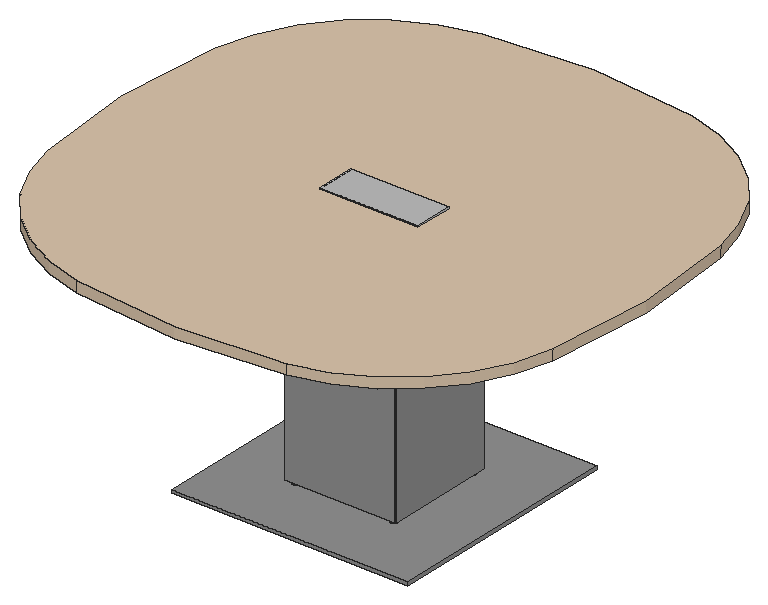
Revit family "Haworth_Planes_ColumnBaseConferenceTable_Pebble", category Furniture Systems, Revit 2018
Family settings
  Round Connector Dimension = Use Diameter
  Part Type = Normal
  OmniClass Number = 23.40.70.14.64.21
  OmniClass Title = Systems Furniture
  Work Plane-Based = No
  Always vertical = Yes
  Cut with Voids When Loaded = No
  Shared = No
  Room Calculation Point = No
Parameters (values of type "60d 60w 29h")
  Worksurface Finish [instance] = Haworth _ Laminate _ Maple H-AE
  Worksurface Edge Finish [instance] = Haworth _ Laminate _ Maple H-AE
  Width = 60"
  Warranty = "https://www.haworth.com/resources/product-info/warranties"
  URL - Product = "https://www.haworth.com/products/tables/conference/planes"
  Sustainability Info = "https://www.haworth.com/company-info/sustainability"
  Opening Single Wide = yes
  Opening Single = not(or(Opening Single Wide, Opening Double, Opening Double Wide))  # no
  Opening Double Wide = no
  Opening Double = no
  Model = "TARP"  # constant formula
  Min. Depth = 36"  # constant formula
  Max. Depth = 60"  # constant formula
  Large Base = Actual Width > 36"  # yes
  URL = "www.haworth.com"
  Support Height = Actual Height - Table Thickness  # 27 13/16"
  Size = "Verify Final Dim. w/ Haworth"  # constant formula
  Revision Number = "2"  # constant formula
  Standard Widths = "36, 42, 48, 54, 60 in."  # constant formula
  Standard Heights = "21.25, 29, 41.25 in."  # constant formula
  Min. Width = 36"  # constant formula
  Max. Width = 60"  # constant formula
  Min. Height = 21 1/4"  # constant formula
  Max. Height = 41 1/4"  # constant formula
  Manufacturer = "Haworth"  # constant formula
  Knife Edge = not(Edgeband)  # no
  Height = 29"
  Frame Finish = Haworth _ Paint _ Graphite
  Fliptop Width = Cutout Width + 1/4"  # 11 1/4"
  Fliptop Depth = Cutout Depth + 3/8"  # 4 3/8"
  Flip Top Finish = Haworth _ Paint _ Metallic Champagne
  Flip Top = yes
  Edgeband = yes
  Description = "Haworth - Planes Column Base - Pebble - 60w 60d 29h"
  Depth = Width  # 60"
  Cutout Width = if(or(Opening Single Wide, Opening Double Wide), 11", 8")  # 11"
  Cutout Depth = if(or(Opening Double, Opening Double Wide), 7 11/16", 4")  # 4"
  Cutout = yes
  Custom Size = not(and(or(Width = 36", Width = 42", Width = 48", Width = 54", Width = 60"), or(Depth = 30", Depth = 36", Depth = 42", Depth = 48", Depth = 54", Depth = 60"), or(Height = 21 1/4", Height = 29", Height = 41 1/4")))  # no
  Base Finish = Haworth _ Paint _ Graphite
  Author = "Haworth (Hampton, Alias)"  # constant formula
  Assembly Code = "E2020200"
  Actual Width = if(Depth > Max. Width, Max. Width, if(Depth < Min. Width, Min. Width, Depth))  # 60"
  Actual Height = if(Height > Max. Height, Max. Height, if(Height < Min. Height, Min. Height, Height))  # 29"
  Table Thickness = 1 3/16"  # constant formula
  Standard Depths = "36, 42, 48, 54, 60 in."  # constant formula
  Actual Depth = if(Width > Max. Depth, Max. Depth, if(Width < Min. Depth, Min. Depth, Width))  # 60"
Types (6): name | Width | Large Base | Description | Depth | Actual Width | Actual Depth
  (no name) | 60" | yes | "Haworth - Planes Column Base - Pebble - 60w 60d 29h" | 60" | 60" | 60"
  60d 60w 29h | 60" | yes | "Haworth - Planes Column Base - Pebble - 60w 60d 29h" | 60" | 60" | 60"
  54d 54w 29h | 54" | yes | "Haworth - Planes Column Base - Pebble - 54w 54d 29h" | 54" | 54" | 54"
  48d 48w 29h | 48" | yes | "Haworth - Planes Column Base - Pebble - 48w 48d 29h" | 48" | 48" | 48"
  42d 42w 29h | 42" | yes | "Haworth - Planes Column Base - Pebble - 42w 42d 29h" | 42" | 42" | 42"
  36d 36w 29h | 36" | no | "Haworth - Planes Column Base - Pebble - 36w 36d 29h" | 36" | 36" | 36"
Reference planes (in)
  plane 1 "Center F/B": y = -0.15866
  plane 2 "Floor": z = 0
  plane 3 "Center L/R": x = -15
  plane 4 "Table Edge Left": x = -45
  plane 5 "Table Edge Right": x = 15
  plane 6 "Table Edge Back": y = -30.15866
  plane 7 "Table Edge Front": y = 29.84134
  plane 8 "Table Bottom": z = 29
  plane 9 "masking region": z = 27.8125
Dimensions and locks (in)
  "Actual Depth": plane 7 "Table Edge Front" to plane 6 "Table Edge Back"
  "Actual Width": plane 4 "Table Edge Left" to plane 5 "Table Edge Right"
  equal spacing: plane 4 "Table Edge Left", plane 3 "Center L/R", plane 5 "Table Edge Right"
  equal spacing: plane 7 "Table Edge Front", plane 1 "Center F/B", plane 6 "Table Edge Back"
  "Actual Height": plane 8 "Table Bottom" to level
  "Table Thickness": plane 8 "Table Bottom" to plane 9 "masking region"
  aligned and locked: nested 1 to plane 3 "Center L/R"
  aligned and locked: plane 1 "Center F/B" to nested 1
  aligned and locked: plane 2 "Floor" to nested 2
  aligned and locked: plane 1 "Center F/B" to nested 2
  aligned and locked: plane 3 "Center L/R" to nested 2
  aligned and locked: nested 2 to nested 3
  aligned and locked: plane 3 "Center L/R" to nested 3
  aligned and locked: plane 2 "Floor" to nested 1
Nested families (in)
  nested 1: "Haworth_Planes_ColumnBase_Part" at (-15, -3.78366, 0), type "Square"
    with Actual Height 27 13/16"
  nested 2: "Haworth_Conference_Worksurface_Pebble_Part" at (-15, -15.15866, 0), type "Worksurface"
    with Knife Edge no, Cutout Width 11"
  nested 3: "Haworth_Worksurface_FlipTop_Unit_Part" at (-15.57037, -0.21114, 29), built-in parameter 1001364 <- "Actual Height", visible <- "Flip Top", type "Flip Top"
    with Actual Width 11 1/4"
Definition of nested family "Haworth_Planes_ColumnBase_Part"
  Parameters (values of type "Square")
    Warranty = "http://www.haworth.com/resources/product-info/warranties"
    URL - Product = "http://www.haworth.com/products/tables/conference/planes"
    URL = "www.haworth.com"
    Trim Finish = none
    Top Gap = 1 1/2"  # constant formula
    Sustainability Info = "http://www.haworth.com/company-info/sustainablility"
    Support Finish = none
    Size = "Verify Final Dim. w/ Haworth"  # constant formula
    Revision Number = "2"  # constant formula
    Model = "Haworth - Planes - Enhanced Column Base - LIMITED"  # constant formula
    Min. Height = 27"  # constant formula
    Max. Height = 36"  # constant formula
    Manufacturer = "Haworth"  # constant formula
    Description = "Haworth - Planes - Enhanced Column Base - LIMITED"  # constant formula
    Column Frame Width 9 = no
    Column Frame Width 12 = yes
    Cladding Thickness = 1/8"  # constant formula
    Cladding Square = yes
    Cladding Round = no
    Cladding Radius = 8 1/2"  # constant formula
    Base Plate Square = yes
    Base Plate Round = no
    Base Plate Radius = 15"  # constant formula
    Base Height Offset = 3/8"  # constant formula
    Base Finish = none
    Base Depth Offset = 7 1/8"  # constant formula
    Author = "Haworth (Hampton)"  # constant formula
    Assembly Code = "E2020200"
    Actual Width = 12 3/4"  # constant formula
    Actual Height = 27 3/16"
    Actual Depth = 12 3/4"  # constant formula
  Types (2): name | Cladding Square | Cladding Round | Base Plate Square | Base Plate Round
    Square | yes | no | yes | no
    Round | no | yes | no | yes
  Reference planes (in)
    plane 1 "Center F/B": y = 3.625
    plane 2 "Bottom": z = 0
    plane 3 "Center L/R": x = 0
    plane 4 "Left": x = -6.375
    plane 5 "Right": x = 6.375
    plane 6 "Front": y = -2.75
    plane 7 "Top": z = 27.1875
    plane 8 "Back": y = 10
    plane 9: y = 9.25
    plane 10: x = 5.625
    plane 11: x = -5.625
    plane 12: y = -2
    plane 13 "Panel Top": z = 25.6875
    plane 14 "Base Plate Top": z = 0.375
    plane 15 "Panel Bottom": z = 0.75
    plane 16: x = -6.25
    plane 17: x = 6.25
    plane 18: y = 9.875
    plane 19: y = -2.625
    plane 20 "Plate Back": y = 17.125
    plane 21 "Plate Front": y = -9.875
    plane 22 "Plate Left": x = -13.5
    plane 23 "Plate Right": x = 13.5
    plane 24 "Angel 2": through (6.375, 10, 48) normal (0.7071, -0.7071, 0)
    plane 25 "Angel 1": through (-6.375, 10, 48) normal (0.7071, 0.7071, 0)
    plane 26: through (6.375, -2.75, 48) normal (-0.7071, -0.7071, 0)
    plane 27: through (6.375, 10, 48) normal (0.7071, -0.7071, 0)
    plane 28: through (-6.375, -2.75, 48) normal (-0.7071, 0.7071, 0)
    plane 29: through (6.375, -2.75, 48) normal (-0.7071, -0.7071, 0)
    plane 30: through (-6.375, 10, 48) normal (0.7071, 0.7071, 0)
    plane 31: through (-6.375, -2.75, 48) normal (-0.7071, 0.7071, 0)
  Forms (in)
    Extrusion 1, solid, material <- "Trim Finish", visible <- "Cladding Square"
      sketch origin (0, 0, 0) x (1, 0, 0) y (0, 1, 0)
        loop
          line (-6.375, 9.875) -> (-6.375, -2.625) -> (-6.25, -2.625) -> (-6.25, 9.875) -> (-6.375, 9.875)
      from 0.75 to 25.6875
    Extrusion 2, solid, material <- "Trim Finish", visible <- "Cladding Square"
      sketch origin (0, 0, 0) x (1, 0, 0) y (0, 1, 0)
        loop
          line (-6.25, 10) -> (-6.25, 9.875) -> (6.25, 9.875) -> (6.25, 10) -> (-6.25, 10)
      from 0.75 to 25.6875
    Extrusion 3, solid, material <- "Trim Finish", visible <- "Cladding Square"
      sketch origin (0, 0, 0) x (1, 0, 0) y (0, 1, 0)
        loop
          line (6.25, 9.875) -> (6.25, -2.625) -> (6.375, -2.625) -> (6.375, 9.875) -> (6.25, 9.875)
      from 0.75 to 25.6875
    Extrusion 4, solid, material <- "Trim Finish", visible <- "Cladding Square"
      sketch origin (0, 0, 0) x (1, 0, 0) y (0, 1, 0)
        loop
          line (-6.25, -2.625) -> (-6.25, -2.75) -> (6.25, -2.75) -> (6.25, -2.625) -> (-6.25, -2.625)
      from 0.75 to 25.6875
    Extrusion 5, solid, material <- "Support Finish"
      sketch origin (0, 0, 0) x (1, 0, 0) y (0, 1, 0)
        loop
          circle (-5.625, 9.25) r 0.375
        loop
          circle (5.625, 9.25) r 0.375
        loop
          circle (5.625, -2) r 0.375
        loop
          circle (-5.625, -2) r 0.375
      from 0.375 to 27.1875
    Extrusion 6, solid, material <- "Base Finish", visible <- "Base Plate Square"
      sketch origin (0, 0, 0) x (1, 0, 0) y (0, 1, 0)
        loop
          line (-13.5, 17.125) -> (-13.5, -9.875) -> (13.5, -9.875) -> (13.5, 17.125) -> (-13.5, 17.125)
      from 0 to 0.375
    Extrusion 7, solid, material <- "Base Finish", visible <- "Base Plate Round"
      sketch origin (0, 0, 0) x (1, 0, 0) y (0, 1, 0)
        loop
          circle (0, 3.625) r 15
      from 0 to 0.375
    Extrusion 8, solid, material <- "Trim Finish", visible <- "Cladding Round"
      sketch origin (0, 0, 0) x (1, 0, 0) y (0, 1, 0)
        loop
          arc (-6.01041, 9.63541) -> (0, 12.125) -> (6.01041, 9.63541) r 8.5
          line (6.01041, 9.63541) -> (6.01041, 9.81092)
          arc (6.01041, 9.81092) -> (0, 12.25) -> (-6.01041, 9.81092) r 8.625
          line (-6.01041, 9.81092) -> (-6.01041, 9.63541)
      from 0.75 to 25.6875
    Extrusion 9, solid, material <- "Trim Finish", visible <- "Cladding Round"
      sketch origin (-3.625, 3.625, 0) x (0, -1, 0) y (1, 0, 0)
        loop
          arc (-6.01041, 9.63541) -> (0, 12.125) -> (6.01041, 9.63541) r 8.5
          line (6.01041, 9.63541) -> (6.01041, 9.81092)
          arc (6.01041, 9.81092) -> (0, 12.25) -> (-6.01041, 9.81092) r 8.625
          line (-6.01041, 9.81092) -> (-6.01041, 9.63541)
      from 0.75 to 25.6875
    Extrusion 10, solid, material <- "Trim Finish", visible <- "Cladding Round"
      sketch origin (0, 7.25, 0) x (-1, 0, 0) y (0, -1, 0)
        loop
          arc (-6.01041, 9.63541) -> (0, 12.125) -> (6.01041, 9.63541) r 8.5
          line (6.01041, 9.63541) -> (6.01041, 9.81092)
          arc (6.01041, 9.81092) -> (0, 12.25) -> (-6.01041, 9.81092) r 8.625
          line (-6.01041, 9.81092) -> (-6.01041, 9.63541)
      from 0.75 to 25.6875
    Extrusion 11, solid, material <- "Trim Finish", visible <- "Cladding Round"
      sketch origin (3.625, 3.625, 0) x (0, 1, 0) y (-1, 0, 0)
        loop
          arc (-6.01041, 9.63541) -> (0, 12.125) -> (6.01041, 9.63541) r 8.5
          line (6.01041, 9.63541) -> (6.01041, 9.81092)
          arc (6.01041, 9.81092) -> (0, 12.25) -> (-6.01041, 9.81092) r 8.625
          line (-6.01041, 9.81092) -> (-6.01041, 9.63541)
      from 0.75 to 25.6875
  Lines and regions (in)
    symbolic lines, visible <- "Base Plate Square", detail levels medium+fine
      curve 1: line (-13.5, 17.125, 0) -> (13.5, 17.125, 0)
      curve 2: line (13.5, 17.125, 0) -> (13.5, -9.875, 0)
      curve 3: line (13.5, -9.875, 0) -> (-13.5, -9.875, 0)
      curve 4: line (-13.5, -9.875, 0) -> (-13.5, 17.125, 0)
    symbolic lines, visible <- "Cladding Square", detail levels medium+fine
      curve 5: line (-6.375, 10, 0) -> (6.375, 10, 0)
      curve 6: line (6.375, 10, 0) -> (6.375, -2.75, 0)
      curve 7: line (6.375, -2.75, 0) -> (-6.375, -2.75, 0)
      curve 8: line (-6.375, -2.75, 0) -> (-6.375, 10, 0)
    model lines, visible <- "Base Plate Round"
      curve 9: circle (0, 3.625, 0) r 15 normal (0, 0, 1)
    symbolic lines, visible <- "Base Plate Round", detail levels medium+fine
      curve 10: circle (0, 3.625, 0) r 8.5 normal (0, 0, 1)
  Dimensions and locks (in)
    equal spacing: plane 8 "Back", plane 1 "Center F/B", plane 6 "Front"
    "Actual Depth": plane 8 "Back" to plane 6 "Front"
    equal spacing: plane 4 "Left", plane 3 "Center L/R", plane 5 "Right"
    "Actual Width": plane 4 "Left" to plane 5 "Right"
    "Actual Height": plane 7 "Top" to level
    locked: plane 4 "Left" to plane 11 at 0.75
    locked: plane 10 to plane 5 "Right" at 0.75
    locked: plane 8 "Back" to plane 9 at 0.75
    locked: plane 12 to plane 6 "Front" at 0.75
    "Base Height Offset": plane 14 "Base Plate Top" to level
    "Base Height Offset": plane 15 "Panel Bottom" to plane 14 "Base Plate Top"
    "Top Gap": plane 7 "Top" to plane 13 "Panel Top"
    "Base Depth Offset": plane 22 "Plate Left" to plane 4 "Left"
    "Base Depth Offset": plane 5 "Right" to plane 23 "Plate Right"
    "Base Depth Offset": plane 21 "Plate Front" to plane 6 "Front"
    "Base Depth Offset": plane 20 "Plate Back" to plane 8 "Back"
    "Cladding Thickness": plane 8 "Back" to plane 18
    "Cladding Thickness": plane 19 to plane 6 "Front"
    "Cladding Thickness": plane 4 "Left" to plane 16
    "Cladding Thickness": plane 17 to plane 5 "Right"
    "Base Plate Radius": radius of Extrusion 7 sketch curve
    "Base Plate Radius": radius of curve 9
    "Cladding Radius": radius of Extrusion 8 sketch curve
    "Cladding Radius": radius of curve 10
    "Cladding Radius": radius of Extrusion 9 sketch curve
    "Cladding Radius": radius of Extrusion 10 sketch curve
    "Cladding Radius": radius of Extrusion 11 sketch curve
    aligned and locked: Extrusion 1 sketch curve to plane 19
    aligned and locked: plane 4 "Left" to Extrusion 1 sketch curve
    aligned and locked: Extrusion 1 sketch curve to plane 16
    aligned and locked: Extrusion 1 sketch curve to plane 18
    aligned and locked: Extrusion 2 sketch curve to plane 8 "Back"
    aligned and locked: plane 18 to Extrusion 2 sketch curve
    aligned and locked: plane 16 to Extrusion 2 sketch curve
    aligned and locked: plane 17 to Extrusion 2 sketch curve
    aligned and locked: Extrusion 3 sketch curve to plane 19
    aligned and locked: Extrusion 3 sketch curve to plane 18
    aligned and locked: Extrusion 3 sketch curve to plane 17
    aligned and locked: plane 5 "Right" to Extrusion 3 sketch curve
    aligned and locked: plane 16 to Extrusion 4 sketch curve
    aligned and locked: plane 17 to Extrusion 4 sketch curve
    aligned and locked: plane 19 to Extrusion 4 sketch curve
    aligned and locked: plane 6 "Front" to Extrusion 4 sketch curve
    aligned and locked: plane 13 "Panel Top" to Extrusion 4
    aligned and locked: Extrusion 4 to plane 15 "Panel Bottom"
    aligned and locked: plane 13 "Panel Top" to Extrusion 2
    aligned and locked: Extrusion 2 to plane 15 "Panel Bottom"
    aligned and locked: Extrusion 1 to plane 15 "Panel Bottom"
    aligned and locked: plane 13 "Panel Top" to Extrusion 1
    aligned and locked: Extrusion 3 to plane 15 "Panel Bottom"
    aligned and locked: plane 13 "Panel Top" to Extrusion 3
    aligned and locked: Extrusion 5 to plane 14 "Base Plate Top"
    aligned and locked: plane 7 "Top" to Extrusion 5
    aligned and locked: plane 22 "Plate Left" to Extrusion 6 sketch curve
    aligned and locked: Extrusion 6 sketch curve to plane 21 "Plate Front"
    aligned and locked: plane 23 "Plate Right" to Extrusion 6 sketch curve
    aligned and locked: Extrusion 6 sketch curve to plane 20 "Plate Back"
    aligned and locked: Extrusion 6 to plane 2 "Bottom"
    aligned and locked: Extrusion 6 to plane 14 "Base Plate Top"
    aligned and locked: curve 1 to plane 20 "Plate Back"
    aligned and locked: plane 22 "Plate Left" to curve 4
    aligned and locked: curve 3 to plane 21 "Plate Front"
    aligned and locked: plane 23 "Plate Right" to curve 2
    aligned and locked: plane 5 "Right" to curve 6
    aligned and locked: curve 5 to plane 8 "Back"
    aligned and locked: plane 4 "Left" to curve 8
    aligned and locked: plane 6 "Front" to curve 7
    aligned and locked: Extrusion 7 to plane 2 "Bottom"
    aligned and locked: Extrusion 7 to plane 14 "Base Plate Top"
    aligned and locked: plane 13 "Panel Top" to Extrusion 8
    aligned and locked: Extrusion 8 to plane 15 "Panel Bottom"
    aligned and locked: Extrusion 11 to plane 15 "Panel Bottom"
    aligned and locked: Extrusion 10 to plane 15 "Panel Bottom"
    aligned and locked: Extrusion 9 to plane 15 "Panel Bottom"
    aligned and locked: plane 13 "Panel Top" to Extrusion 11
    aligned and locked: plane 13 "Panel Top" to Extrusion 10
    aligned and locked: plane 13 "Panel Top" to Extrusion 9
    aligned and locked: Extrusion 11 to Extrusion 1  (x2)
    aligned and locked: Extrusion 2 to Extrusion 10  (x2)
    aligned and locked: Extrusion 9 to Extrusion 2
    aligned and locked: Extrusion 2 to Extrusion 9
    aligned and locked: Extrusion 2 to Extrusion 8  (x2)
    aligned and locked: Extrusion 4 to Extrusion 1
    aligned and locked: Extrusion 1 to Extrusion 4
  Automatic sketch dimensions
    Extrusion 5 sketch curve to plane 11 = 0"  (x2)
    Extrusion 5 sketch curve to plane 9 = 0"  (x2)
    Extrusion 5 sketch curve to plane 10 = 0"  (x2)
    Extrusion 5 sketch curve to plane 12 = 0"  (x2)
    curve 9 to curve 10 = 0"  (x2)
    plane 1 "Center F/B" to curve 9 = 0"
    curve 9 to plane 3 "Center L/R" = 0"
    plane 1 "Center F/B" to Extrusion 7 sketch curve = 0"
    Extrusion 7 sketch curve to plane 3 "Center L/R" = 0"
    Extrusion 8 sketch curve to Extrusion 8 sketch curve = 0"  (x2)
    plane 25 "Angel 1" to Extrusion 8 sketch curve = 0"
    plane 1 "Center F/B" to Extrusion 8 sketch curve = 0"
    Extrusion 8 sketch curve to plane 3 "Center L/R" = 0"
    plane 24 "Angel 2" to Extrusion 8 sketch curve = 0"
    Extrusion 8 sketch curve to plane 18 = 0.06408"
    Extrusion 9 sketch curve to Extrusion 9 sketch curve = 0"  (x2)
    Extrusion 9 sketch curve to plane 27 = 0"
    plane 1 "Center F/B" to Extrusion 9 sketch curve = 0"
    plane 26 to Extrusion 9 sketch curve = 0"
    Extrusion 9 sketch curve to plane 3 "Center L/R" = 0"
    plane 17 to Extrusion 9 sketch curve = 0.06408"
    Extrusion 10 sketch curve to Extrusion 10 sketch curve = 0"  (x2)
    Extrusion 10 sketch curve to plane 29 = 0"
    plane 1 "Center F/B" to Extrusion 10 sketch curve = 0"
    Extrusion 10 sketch curve to plane 3 "Center L/R" = 0"
    Extrusion 10 sketch curve to plane 28 = 0"
    Extrusion 10 sketch curve to plane 19 = 0.06408"
    Extrusion 11 sketch curve to Extrusion 11 sketch curve = 0"  (x2)
    plane 31 to Extrusion 11 sketch curve = 0"
    plane 1 "Center F/B" to Extrusion 11 sketch curve = 0"
    Extrusion 11 sketch curve to plane 30 = 0"
    Extrusion 11 sketch curve to plane 3 "Center L/R" = 0"
    plane 16 to Extrusion 11 sketch curve = 0.06408"
    radius of Extrusion 5 sketch curve = 3/8"  (x4)
Definition of nested family "Haworth_Conference_Worksurface_Pebble_Part"
  Parameters (values of type "Worksurface")
    Warranty = "https://www.haworth.com/resources/product-info/warranties"
    URL - Product = "https://www.haworth.com/products/tables/conference/planes"
    URL = "www.haworth.com"
    Thickness = 1 3/16"
    Table Finish = none
    Table Edge Finish = none
    Small Radius Inside = Small Radius - 2"  # 19"
    Small Radius = 1 / 2 * Actual Width - 9"  # 21"
    Size = "Verify Final Dim. w/ Haworth"  # constant formula
    Revision Number = ""
    Model = "Haworth Planes"  # constant formula
    Manufacturer = "Haworth"  # constant formula
    Knife Edge = yes
    Edgeband = yes
    Description = "Haworth Planes Collaborative Worksurface - Part"
    Cutout Width = 8"
    Cutout Dimension = if(Cutout, 3", 1")  # 3"
    Cutout Depth = 4"
    Cutout = yes
    Big Radius Inside = Big Radius - 2"  # 65"
    Big Radius = 1 / 2 * Actual Width + 37"  # 67"
    Author = "Haworth (Alias), SHAPE Environments, LLC"  # constant formula
    Assembly Code = ""
    Actual Width = 60"
    Actual Height = 29"
    Actual Depth = Actual Width  # 60"
  Reference planes (in)
    plane 1 "Center F/B": y = 15
    plane 2 "Bottom": z = 0
    plane 3 "Center L/R": x = 0
    plane 4 "Table Top": z = 29
    plane 5 "Table Bottom": z = 27.8125
    plane 6: y = 52
    plane 7: y = -22
    plane 8: x = 37
    plane 9: x = -37
    plane 10 "Knife Edge Middle": z = 28.625
    plane 11 "Bottom Cutout": z = 27
    plane 12: y = 52
    plane 13: y = -22
    plane 14: x = 37
    plane 15: x = -37
    plane 16 "Cutout Top": z = 30
    plane 17: y = 17
    plane 18: y = 13
    plane 19: x = -4
    plane 20: x = 4
  Forms (in)
    Extrusion 1, solid, material <- "Table Finish", visible <- "Edgeband"
      sketch origin (0, 0, 0) x (1, 0, 0) y (0, 1, 0)
        loop
          arc (28.91271, 2.97859) -> (30, 15) -> (28.91271, 27.02141) r 67
          arc (28.91271, 27.02141) -> (23.10275, 38.10275) -> (12.02141, 43.91271) r 21
          arc (12.02141, 43.91271) -> (0, 45) -> (-12.02141, 43.91271) r 67
          arc (-12.02141, 43.91271) -> (-23.10275, 38.10275) -> (-28.91271, 27.02141) r 21
          arc (-28.91271, 27.02141) -> (-30, 15) -> (-28.91271, 2.97859) r 67
          arc (-28.91271, 2.97859) -> (-23.10275, -8.10275) -> (-12.02141, -13.91271) r 21
          arc (-12.02141, -13.91271) -> (0, -15) -> (12.02141, -13.91271) r 67
          arc (12.02141, -13.91271) -> (23.10275, -8.10275) -> (28.91271, 2.97859) r 21
      from 27.8125 to 29
    Extrusion 2, solid, material <- "Table Finish", visible <- "Knife Edge"
      sketch origin (0, 0, 0) x (1, 0, 0) y (0, 1, 0)
        loop
          arc (28.91271, 2.97859) -> (30, 15) -> (28.91271, 27.02141) r 67
          arc (28.91271, 27.02141) -> (23.10275, 38.10275) -> (12.02141, 43.91271) r 21
          arc (12.02141, 43.91271) -> (0, 45) -> (-12.02141, 43.91271) r 67
          arc (-12.02141, 43.91271) -> (-23.10275, 38.10275) -> (-28.91271, 27.02141) r 21
          arc (-28.91271, 27.02141) -> (-30, 15) -> (-28.91271, 2.97859) r 67
          arc (-28.91271, 2.97859) -> (-23.10275, -8.10275) -> (-12.02141, -13.91271) r 21
          arc (-12.02141, -13.91271) -> (0, -15) -> (12.02141, -13.91271) r 67
          arc (12.02141, -13.91271) -> (23.10275, -8.10275) -> (28.91271, 2.97859) r 21
      from 28.625 to 29
    Blend 3, solid, material <- "Table Finish", visible <- "Knife Edge"
      base sketch origin (0, 0, 0) x (1, 0, 0) y (0, 1, 0)
        loop
          arc (11.6784, 41.85624) -> (1.09017, 42.90482) -> (-9.52727, 42.21195) r 65
          arc (-9.52727, 42.21195) -> (-21.42166, 36.9673) -> (-27.16041, 25.30328) r 19
          arc (-27.16041, 25.30328) -> (-27.97731, 14.20238) -> (-26.88824, 3.12487) r 65
          arc (-26.88824, 3.12487) -> (-21.57409, -6.71598) -> (-11.64451, -11.86242) r 19
          arc (-11.64451, -11.86242) -> (-1.0633, -12.90526) -> (9.54635, -12.20912) r 65
          arc (9.54635, -12.20912) -> (20.60271, -7.68854) -> (26.77624, 2.53723) r 19
          arc (26.77624, 2.53723) -> (27.97615, 14.11321) -> (27.09252, 25.71763) r 65
          arc (27.09252, 25.71763) -> (22.00461, 36.2885) -> (11.6784, 41.85624) r 19
      top sketch origin (0, 0, 0) x (1, 0, 0) y (0, 1, 0)
        loop
          arc (28.91271, 27.02141) -> (23.10275, 38.10275) -> (12.02141, 43.91271) r 21
          arc (12.02141, 43.91271) -> (0, 45) -> (-12.02141, 43.91271) r 67
          arc (-12.02141, 43.91271) -> (-23.10275, 38.10275) -> (-28.91271, 27.02141) r 21
          arc (-28.91271, 27.02141) -> (-30, 15) -> (-28.91271, 2.97859) r 67
          arc (-28.91271, 2.97859) -> (-23.10275, -8.10275) -> (-12.02141, -13.91271) r 21
          arc (-12.02141, -13.91271) -> (0, -15) -> (12.02141, -13.91271) r 67
          arc (12.02141, -13.91271) -> (23.10275, -8.10275) -> (28.91271, 2.97859) r 21
          arc (28.91271, 2.97859) -> (30, 15) -> (28.91271, 27.02141) r 67
      from 27.8125 to 28.625
    Extrusion 4, void
      sketch origin (0, 0, 0) x (1, 0, 0) y (0, 1, 0)
        loop
          line (-4, 17) -> (-4, 13) -> (4, 13) -> (4, 17) -> (-4, 17)
      from 27 to 30
  Cuts and joins
    Extrusion 4 cuts Extrusion 2
    Extrusion 4 cuts Extrusion 1
    Extrusion 4 cuts Blend 3
  Lines and regions (in)
    Masking region 1
      outline origin (0, 0, 0) x (1, 0, 0) y (0, 1, 0)
        loop
          arc (12.02141, -13.91271) -> (23.10275, -8.10275) -> (28.91271, 2.97859) r 21
          arc (28.91271, 2.97859) -> (30, 15) -> (28.91271, 27.02141) r 67
          arc (28.91271, 27.02141) -> (23.10275, 38.10275) -> (12.02141, 43.91271) r 21
          arc (12.02141, 43.91271) -> (0, 45) -> (-12.02141, 43.91271) r 67
          arc (-12.02141, 43.91271) -> (-23.10275, 38.10275) -> (-28.91271, 27.02141) r 21
          arc (-28.91271, 27.02141) -> (-30, 15) -> (-28.91271, 2.97859) r 67
          arc (-28.91271, 2.97859) -> (-23.10275, -8.10275) -> (-12.02141, -13.91271) r 21
          arc (-12.02141, -13.91271) -> (0, -15) -> (12.02141, -13.91271) r 67
    symbolic lines, visible <- "Cutout"
      curve 1: line (-4, 17, 0) -> (4, 17, 0)
      curve 2: line (-4, 13, 0) -> (-4, 17, 0)
      curve 3: line (4, 13, 0) -> (-4, 13, 0)
      curve 4: line (4, 17, 0) -> (4, 13, 0)
    symbolic lines, visible <- "Knife Edge", detail levels medium+fine
      curve 5: arc (11.6784, 41.85624, 0) -> (22.00461, 36.2885, 0) -> (27.09252, 25.71763, 0) r 19
      curve 6: arc (27.09252, 25.71763, 0) -> (27.97615, 14.11321, 0) -> (26.77624, 2.53723, 0) r 65
      curve 7: arc (26.77624, 2.53723, 0) -> (20.60271, -7.68854, 0) -> (9.54635, -12.20912, 0) r 19
      curve 8: arc (9.54635, -12.20912, 0) -> (-1.0633, -12.90526, 0) -> (-11.64451, -11.86242, 0) r 65
      curve 9: arc (-11.64451, -11.86242, 0) -> (-21.57409, -6.71598, 0) -> (-26.88824, 3.12487, 0) r 19
      curve 10: arc (-26.88824, 3.12487, 0) -> (-27.97731, 14.20238, 0) -> (-27.16041, 25.30328, 0) r 65
      curve 11: arc (-27.16041, 25.30328, 0) -> (-21.42166, 36.9673, 0) -> (-9.52727, 42.21195, 0) r 19
      curve 12: arc (-9.52727, 42.21195, 0) -> (1.09017, 42.90482, 0) -> (11.6784, 41.85624, 0) r 65
  Dimensions and locks (in)
    "Thickness": plane 4 "Table Top" to plane 5 "Table Bottom"
    "Actual Height": plane 4 "Table Top" to level
    equal spacing: plane 6, plane 1 "Center F/B", plane 7
    equal spacing: plane 9, plane 3 "Center L/R", plane 8
    locked: plane 4 "Table Top" to plane 10 "Knife Edge Middle" at 0.375
    equal spacing: plane 13, plane 1 "Center F/B", plane 12
    equal spacing: plane 15, plane 3 "Center L/R", plane 14
    equal spacing: Blend 3 sketch curve, plane 3 "Center L/R", Blend 3 sketch curve
    equal spacing: Blend 3 sketch curve, plane 1 "Center F/B", Blend 3 sketch curve
    locked: plane 16 "Cutout Top" to plane 4 "Table Top" at 1
    "Cutout Dimension": plane 16 "Cutout Top" to plane 11 "Bottom Cutout"
    equal spacing: plane 19, plane 3 "Center L/R", plane 20
    "Cutout Width": plane 19 to plane 20
    equal spacing: plane 17, plane 1 "Center F/B", plane 18
    "Cutout Depth": plane 17 to plane 18
    "Small Radius": radius of Extrusion 1 sketch curve  (x4)
    "Big Radius": radius of Extrusion 1 sketch curve  (x4)
    "Small Radius": radius of Extrusion 2 sketch curve  (x4)
    "Big Radius": radius of Extrusion 2 sketch curve  (x4)
    "Small Radius Inside": radius of Blend 3 sketch curve  (x4)
    "Big Radius Inside": radius of Blend 3 sketch curve  (x4)
    aligned: plane 4 "Table Top" to Extrusion 1
    aligned and locked: Extrusion 1 to plane 5 "Table Bottom"
    aligned and locked: plane 4 "Table Top" to Extrusion 1
    aligned and locked: plane 4 "Table Top" to Extrusion 2
    aligned and locked: Extrusion 2 to plane 10 "Knife Edge Middle"
    aligned and locked: Blend 3 sketch curve to Extrusion 2  (x8)
    aligned and locked: Blend 3 to plane 10 "Knife Edge Middle"
    aligned and locked: Blend 3 to plane 5 "Table Bottom"
    aligned and locked: Masking region 1 sketch curve to Extrusion 2  (x8)
    aligned and locked: Extrusion 4 sketch curve to plane 18
    aligned and locked: Extrusion 4 sketch curve to plane 17
    aligned and locked: Extrusion 4 sketch curve to plane 20
    aligned and locked: Extrusion 4 sketch curve to plane 19
    aligned and locked: plane 16 "Cutout Top" to Extrusion 4
    aligned and locked: plane 11 "Bottom Cutout" to Extrusion 4
    aligned and locked: curve 1 to cut or joined group of Extrusion 2, Extrusion 4
    aligned and locked: curve 2 to cut or joined group of Extrusion 2, Extrusion 4
    aligned and locked: curve 3 to cut or joined group of Extrusion 2, Extrusion 4
    aligned and locked: curve 4 to cut or joined group of Extrusion 2, Extrusion 4
    aligned and locked: curve 5 to cut or joined group of Blend 3, Extrusion 4
    aligned and locked: curve 6 to cut or joined group of Blend 3, Extrusion 4
    aligned and locked: curve 7 to cut or joined group of Blend 3, Extrusion 4
    aligned and locked: curve 8 to cut or joined group of Blend 3, Extrusion 4
    aligned and locked: curve 9 to cut or joined group of Blend 3, Extrusion 4
    aligned and locked: curve 10 to cut or joined group of Blend 3, Extrusion 4
    aligned and locked: curve 11 to cut or joined group of Blend 3, Extrusion 4
    aligned and locked: curve 12 to cut or joined group of Blend 3, Extrusion 4
  Automatic sketch dimensions
    plane 1 "Center F/B" to Extrusion 1 sketch curve = 0"  (x2)
    Extrusion 1 sketch curve to plane 9 = 0"
    Extrusion 1 sketch curve to plane 3 "Center L/R" = 0"  (x2)
    Extrusion 1 sketch curve to plane 8 = 0"
    Extrusion 1 sketch curve to plane 7 = 0"
    plane 6 to Extrusion 1 sketch curve = 0"
    plane 1 "Center F/B" to Extrusion 2 sketch curve = 0"  (x2)
    Extrusion 2 sketch curve to plane 15 = 0"
    Extrusion 2 sketch curve to plane 3 "Center L/R" = 0"  (x2)
    Extrusion 2 sketch curve to plane 14 = 0"
    Extrusion 2 sketch curve to plane 13 = 0"
    plane 12 to Extrusion 2 sketch curve = 0"
    plane 1 "Center F/B" to Blend 3 sketch curve = 0"  (x2)
    Blend 3 sketch curve to plane 3 "Center L/R" = 0"  (x2)
    Blend 3 sketch curve to Blend 3 sketch curve = 0"  (x5)
    Blend 3 sketch curve to Blend 3 sketch curve = 28.7465"
    Extrusion 1 sketch curve to plane 3 "Center L/R" = 8.2535"  (x2)
    plane 3 "Center L/R" to Extrusion 1 sketch curve = 8.2535"  (x2)
    plane 1 "Center F/B" to Extrusion 1 sketch curve = 8.2535"  (x2)
    Extrusion 1 sketch curve to plane 1 "Center F/B" = 8.2535"  (x2)
    Extrusion 2 sketch curve to plane 3 "Center L/R" = 8.2535"  (x2)
    plane 3 "Center L/R" to Extrusion 2 sketch curve = 8.2535"  (x2)
    plane 1 "Center F/B" to Extrusion 2 sketch curve = 8.2535"  (x2)
    Extrusion 2 sketch curve to plane 1 "Center F/B" = 8.2535"  (x2)
    Blend 3 sketch curve to plane 3 "Center L/R" = 8.2535"
    Blend 3 sketch curve to plane 1 "Center F/B" = 8.2535"
    Blend 3 sketch curve to Blend 3 sketch curve = 1.25597"
    plane 1 "Center F/B" to Blend 3 sketch curve = 8.2535"
Definition of nested family "Haworth_Worksurface_FlipTop_Unit_Part"
  Parameters (values of type "Flip Top")
    Warranty = "https://www.haworth.com/resources/product-info/warranties"
    URL - Product = "https://www.haworth.com/products/tables/conference/planes"
    URL = "www.haworth.com"
    Sustainability Info = "https://www.haworth.com/company-info/sustainability"
    Size = "Verify Final Dim. w/ Haworth"  # constant formula
    Revision Number = "2"  # constant formula
    Model = "Haworth_Worksurface-Flip_Top_Unit"  # constant formula
    Manufacturer = "Haworth"  # constant formula
    LEED Data = "www.haworth.com/_layouts/Haworth.ProductCatalog/Handlers/GetAsset.ashx/ComposeLEEDContributions.pdf?cid=27&rid=1824&type=Leed"
    Flip Top Finish = none
    Description = "Haworth Worksurface-Flip Top Unit - Part"
    Default Elevation = 48"
    Author = "Haworth (Alias), SHAPE Environments, LLC"  # constant formula
    Assembly Code = "E2020200"
    Actual Width = 8 1/4"
    Actual Depth = 4 3/8"
  Reference planes (in)
    plane 1 "Center F/B": y = 0.05249
    plane 2: z = 0
    plane 3 "Center L/R": x = 0.57037
    plane 4 "Back": y = 2.23999
    plane 5 "Right": x = 4.69537
    plane 6 "Front": y = -2.13501
    plane 7 "Left": x = -3.55463
    plane 8 "Table Height": z = 0
  Forms (in)
    Extrusion 1, solid, material <- "Flip Top Finish"
      sketch origin (0, 0, 0) x (-1, 0, 0) y (0, -1, 0)
        loop
          line (3.55463, -2.23999) -> (3.55463, 2.13501) -> (-4.69537, 2.13501) -> (-4.69537, -2.23999) -> (3.55463, -2.23999)
      from 0 to 0.125
    Extrusion 2, solid, material <- "Flip Top Finish"
      sketch origin (0, 0, 0) x (-1, 0, 0) y (0, -1, 0)
        loop
          line (3.42963, -2.05249) -> (3.42963, 1.94751) -> (-4.57037, 1.94751) -> (-4.57037, -2.05249) -> (3.42963, -2.05249)
      from 0 to -2.75
  Cuts and joins
    joined: Extrusion 1, Extrusion 2
  Lines and regions (in)
    Masking region 1
      outline origin (0, 0, 0) x (1, 0, 0) y (0, 1, 0)
        loop
          line (-3.55463, 2.23999) -> (-3.55463, -2.13501) -> (4.69537, -2.13501) -> (4.69537, 2.23999) -> (-3.55463, 2.23999)
  Dimensions and locks (in)
    equal spacing: plane 7 "Left", plane 3 "Center L/R", plane 5 "Right"
    "Actual Width": plane 7 "Left" to plane 5 "Right"
    equal spacing: plane 6 "Front", plane 1 "Center F/B", plane 4 "Back"
    "Actual Depth": plane 4 "Back" to plane 6 "Front"
    plane 7 "Left" to Extrusion 2 sketch curve = 1/8"
    plane 4 "Back" to Extrusion 2 sketch curve = 3/16"
    Extrusion 2 sketch curve to plane 5 "Right" = 1/8"
    Extrusion 2 sketch curve to plane 6 "Front" = 3/16"
    locked: plane 8 "Table Height" to level
    aligned and locked: plane 7 "Left" to Extrusion 1 sketch curve
    aligned and locked: Extrusion 1 sketch curve to plane 4 "Back"
    aligned and locked: plane 6 "Front" to Extrusion 1 sketch curve
    aligned and locked: Extrusion 1 sketch curve to plane 5 "Right"
    aligned and locked: Masking region 1 sketch curve to cut or joined group of Extrusion 1, Extrusion 2  (x3)
    aligned and locked: cut or joined group of Extrusion 1, Extrusion 2 to Masking region 1 sketch curve
